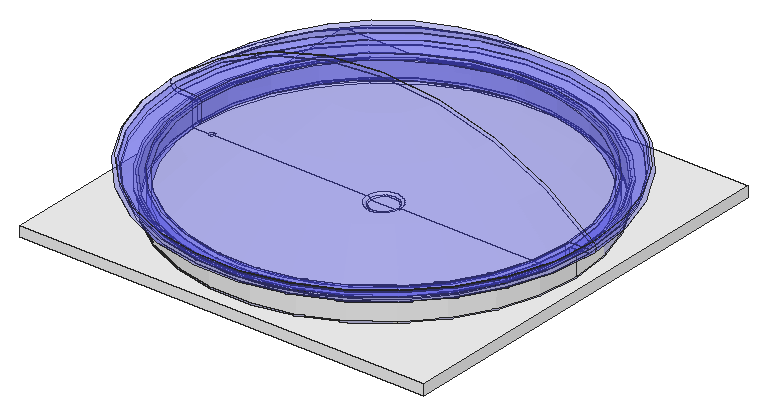
Revit family "BE_50020_de_DE", category Leuchten, Revit 2020
Family settings
  Basisbauteil = Fläche
  Bemaßung runder Anschluss = Durchmesser verwenden
  Teiletyp = Normal
  Beim Laden mit Abzugskörper schneiden = Ja
  Lichtquelle = Ja
  Gemeinsam genutzt = Nein
  Raumberechnungspunkt = Ja
Parameters (values of type "BEGA_50020_K3")
  built-in parameter 1150104 = 11.669 (stored number, unit not read)
  Wattage = 43.5 W
  Default Elevation = 0 mm
  built-in parameter 1150113 = 1 (stored number, unit not read)
  built-in parameter 1114218 = 1 (stored number, unit not read)
  Umgebungstemperatur = "25 °C"
  URL = "https://www.bega.com/de/produkt/50020"
  Typenkommentare = "© 2022 BEGA. Wir behalten uns das Recht vor, technische Änderungen ohne vorherige Ankündigung vorzunehmen."  # constant formula
  built-in parameter 1150134 = (empty or 0)
  built-in parameter 1150109 = 1 (stored number, unit not read)
  Strom = ""
  built-in parameter 1150110 = 1 (stored number, unit not read)
  Spannung = 230 V
  Sonderanfertigung = no
  Seriennummer [instance] = "Hier können Sie die eindeutige Seriennummer für das Facility Management eintragen."
  Schutzklasse = "I"
  Schutzart = "IP 20"
  Scheinlast = 0 VA
  Produktdatenblatt = "http://www.bega.de/download/Xrfa/db/50020.db.de.pdf"
  Oberflächentemperatur = ""
  Neigungswinkel = 0.00°
  Model = "50020K2"
  Material_17 = BEGA_Reflektor
  Material_15 = BEGA_Leuchtmedium_matt
  Material_11 = BEGA_Glas_opal
  Material_09 = BEGA_Glas_klar
  Material_06 = BEGA_Oberfläche_Edelstahl_gebürstet
  Material_03 = BEGA_Oberfläche_Weiss_matt
  Material_02 = BEGA_Oberfläche_Silber_matt
  Material_01 [instance] = BEGA_Oberfläche_Grafit_matt
  M_W = no
  M_G = no
  M_A = no
  Logo = 0
  built-in parameter 1114217 = 1 (stored number, unit not read)
  built-in parameter 1150139 = (empty or 0)
  built-in parameter 1150105 = 1494.8 (stored number, unit not read)
  built-in parameter 1150114 = 1 (stored number, unit not read)
  Lumens = 5463.6 lm
  built-in parameter 1150115 = 1 (stored number, unit not read)
  Leuchtenlichtstrom = "3144 lm"
  Leuchtenanzahl = ""
  Lebensdauerkriterien = "L70B50 @ 25 °C = 107000 h"
  Lastklassifizierung = Beleuchtung
  built-in parameter 1150112 = 1 (stored number, unit not read)
  Lampenlichtstrom = "5465 lm"
  Lamp = "LED 43.5 W"
  LED_Modulbezeichnung = "LED-0630/927"
  Hersteller = "BEGA"  # constant formula
  Halbstreuwinkel = ""
  Gewicht = "4.3 kg"
  Gebrauchslageneinschränkung [instance] = ""
  Frequenz = "50 Hz"
  Farbwiedergabeindex = "CRI > 90"
  Farbtemperaturverschiebung bei Dämpfen der Lampe = <Keine Auswahl>
  Farbtemperatur = "2700 K"
  Color Filter = 16777215
  built-in parameter 1150133 = 10 (stored number, unit not read)
  Energieeffizienzklasse = "LED A++ - A"
  built-in parameter 1150137 = (empty or 0)
  built-in parameter 1150132 = (empty or 0)
  ENEC = ""
  Dimmbar [instance] = ""
  Photometric Web File = "BE_50020K2.IES"
  CE_Konformität = "ja"
  Bestellnummer = "50020K2"
  Beschreibung_Sonderanfertigung = "Hier können Sie Informationen zur Sonderanfertigung eintragen."
  Beschreibung = "Decken- und Wandleuchte"
  built-in parameter 1150106 = 14.948 (stored number, unit not read)
  Befestigungsbohrung = "Ø 6 mm"
  Befestigungsabstand = "340 mm"
  Ballwurfsicher = ""
  BEGA_Intern_aus = yes
  BEGA_Intern_an = yes
  BEGA_Intern_Konstruktion = yes
  BEGA_Intern = yes
  BEGA_IES = yes
  BEGA_Dummy = no
  Anschlussleitung = ""
  Anschlussleistung [instance] = "49.7 W"
  Anschlusskasten = ""
  built-in parameter 1150107 = 2700 (stored number, unit not read)
  built-in parameter 1150102 = (empty or 0)
  built-in parameter 1150138 = (empty or 0)
  Aktualisierung = "2020-07-27T04:00:12"
  Abstand_zur_angestrahlten_Fläche [instance] = ""
  AC/DC = "AC"
Types (3, lengths in mm): name | built-in parameter 1150104 | built-in parameter 1150134 | Model | built-in parameter 1150105 | Lumens | Leuchtenlichtstrom | Lampenlichtstrom | LED_Modulbezeichnung | Farbtemperatur | Photometric Web File | Bestellnummer | built-in parameter 1150106 | built-in parameter 1150107
  BEGA_50020_K3 | 11.762 (stored number, unit not read) | (empty or 0) | "50020K3" | 1506.8 (stored number, unit not read) | 5507.1 lm | "3703 lm" | "6435 lm" | "LED-0630/930" | "3000 K" | "BE_50020K3.IES" | "50020K3" | 15.068 (stored number, unit not read) | 3000 (stored number, unit not read)
  BEGA_50020_K4 | 12.18 (stored number, unit not read) | 12 | "50020K4" | 1560.2 (stored number, unit not read) | 5702.85 lm | "3703 lm" | "6435 lm" | "LED-0630/930" | "4000 K" | "BE_50020K4.IES" | "50020K4" | 15.602 (stored number, unit not read) | 4000 (stored number, unit not read)
  BEGA_50020_K27 | 12.18 (stored number, unit not read) | 12 | "50020K27" | 1560.2 (stored number, unit not read) | 5702.85 lm | "3581 lm" | "6225 lm" | "LED-0630/927" | "2700 K" | "BE_50020K27.IES" | "50020K27" | 15.602 (stored number, unit not read) | 4000 (stored number, unit not read)
Reference planes
  plane 1 "Mitte (Vorne/Hinten)": y = 0
  plane 2: z = 0
  plane 3 "Mitte (Links/Rechts)": x = 0
  plane 4 "Links": x = -210.263
  plane 5 "Rechts": x = 210.263
  plane 6 "Unten": y = -210.3
  plane 7 "Oben": y = 210.3
  plane 8 "Vorne": z = 117.8
  plane 9 "Hinten": z = 0
Forms (mm)
  Extrusion 1, solid, material "BEGA_Platte_Weiss"
    sketch origin (0, -1119.2, 0) x (1, 0, 0) y (0, 1, 0)
      loop
        line (-200, 1319.2) -> (-200, 919.2) -> (200, 919.2) -> (200, 1319.2) -> (-200, 1319.2)
    from 0 to -10
  Extrusion 2, solid, material "BEGA_Dummy_matt", visible <- "BEGA_Dummy"
    sketch origin (77.149, -76.023, 0) x (1, 0, 0) y (0, 1, 0)
      loop
        circle (-77.149, 76.023) r 210
    from 0 to 117.8
Dimensions and locks
  plane 1 "Mitte (Vorne/Hinten)" to Extrusion 1 = 200 mm
  aligned and locked: plane 2 to Extrusion 1
  aligned and locked: level to Extrusion 1
Nested families
  nested 1: "BE_50020" at (0, 0, 0) x (0, -1, 0) z (0, 0, 1), type "BE_50020"
Connectors
  electrical at (0, 0, 0), driven by "Lastklassifizierung", driven by "Spannung", driven by "Scheinlast"
    settings: index 1, voltage 230 V, apparent load 0 VA, apparent load phase1 0 VA, apparent load phase2 0 VA, apparent load phase3 0 VA, power factor 1, load classification "Beleuchtung", number of poles 1, system type 31, power factor state 1, is connector primary yes, connector utility no, sub classification motor no, connector description ""
Definition of nested family "BE_50020"
  Parameters (values of type "BE_50020")
    Default Elevation = 1 mm
    URL = "http://www.bega.de/de/produkt"
    Type Comments = "© 2015 BEGA. Wir behalten uns das Recht vor, technische Änderungen ohne vorherige Ankündigung vorzunehmen. "  # constant formula
    Type Image = (empty or 0)
    Neigungswinkel_um_Z2 = 0.00°
    Neigungswinkel_um_Z1 = 0.00°
    Neigungswinkel_um_Y2 = 0.00°
    Neigungswinkel_um_Y1 = 0.00°
    Neigungswinkel_um_X2 = 0.00°
    Neigungswinkel_um_X1 = 0.00°
    Material_17 = none
    Material_15 = none
    Material_11 = none
    Material_09 = none
    Material_06 = none
    Material_05 = none
    Material_03 = none
    Material_02 = none
    Material_01 = none
    M_W = yes
    M_G = yes
    M_A = yes
    Länge_Platte = 600 mm  # constant formula
    Höhe_Platte = -10 mm  # constant formula
    Manufacturer = "BEGA"  # constant formula
    Drehwinkel_um_Z2 = 0.00°
    Drehwinkel_um_Z1 = 0.00°
    Breite_Platte = 600 mm  # constant formula
  Reference planes
    plane 1 "Mitte (Oben/Unten)": y = 0
    plane 2: z = 0
    plane 3 "Mitte (Links/Rechts)": x = 0
    plane 4: y = 210.263
    plane 5: z = 117.8
    plane 6: y = -210.263
    plane 7: x = -210.3
    plane 8: x = 210.3
  Forms (mm)
    Extrusion 1, solid, detail levels medium
      sketch origin (0, 0, 0) x (1, 0, 0) y (0, 1, 0)
        loop
          line (-300, 300) -> (-300, -300) -> (300, -300) -> (300, 300) -> (-300, 300)
      from 0 to -10 <- "Höhe_Platte"
    Revolve 2, solid, material <- "Material_03", detail levels medium+fine
      sketch origin (0, 0, 0) x (0, 1, 0) y (0, 0, 1)
        loop
          line (188.667, 3.3) -> (16.416, 3.3)
          arc (16.416, 3.3) -> (15.106, 2.926) -> (14.186, 1.92) r 2.5
          arc (14.186, 1.92) -> (13.635, 1.322) -> (12.852, 1.1) r 1.5
          line (12.852, 1.1) -> (0.002, 1.1) -> (0.002, 0.1) -> (13.084, 0.1)
          arc (13.084, 0.1) -> (14.394, 0.474) -> (15.313, 1.48) r 2.5
          arc (15.313, 1.48) -> (15.866, 2.078) -> (16.65, 2.3) r 1.5
          line (16.65, 2.3) -> (188.667, 2.3)
          arc (188.667, 2.3) -> (190.064, 2.868) -> (190.667, 4.25) r 2
          line (190.667, 4.25) -> (191.038, 25.509)
          arc (191.038, 25.509) -> (191.277, 26.071) -> (191.842, 26.3) r 0.8
          line (191.842, 26.3) -> (194, 26.3) -> (194, 27.3) -> (191.844, 27.3)
          arc (191.844, 27.3) -> (190.578, 26.786) -> (190.038, 25.531) r 1.8
          line (190.038, 25.531) -> (189.667, 4.275)
          arc (189.667, 4.275) -> (189.365, 3.584) -> (188.667, 3.3) r 1
        axis (0, 0.1) -> (0, 27.3)
      angle from 0 to 360
    Extrusion 3, void
      sketch origin (0, 0, 0) x (1, 0, 0) y (0, 1, 0)
        loop
          circle (163, 18) r 8.5
        loop
          circle (0, -170) r 2.75
        loop
          circle (163, -18) r 8.5
        loop
          circle (0, 170) r 2.75
      from 1.096 to 7.205
    Revolve 4, solid, material <- "Material_11", detail levels medium+fine
      sketch origin (0, 0, 0) x (0, 1, 0) y (0, 0, 1)
        loop
          line (0, 117.8) -> (0, 113.8)
          arc (0, 113.8) -> (109.34, 94.281) -> (205.171, 38.134) r 315.999
          arc (205.171, 38.134) -> (206.112, 34.88) -> (203.42, 32.823) r 3
          line (203.42, 32.823) -> (183.692, 31.789)
          arc (183.692, 31.789) -> (181.07, 30.581) -> (180, 27.899) r 3.895
          line (180, 27.899) -> (180, 10.3) -> (184, 10.3) -> (184, 26.851)
          arc (184, 26.851) -> (184.275, 27.539) -> (184.948, 27.85) r 1
          line (184.948, 27.85) -> (203.629, 28.829)
          arc (203.629, 28.829) -> (209.896, 33.581) -> (207.79, 41.158) r 7
          arc (207.79, 41.158) -> (110.737, 98.029) -> (0, 117.8) r 319.999
        axis (0, 117.8) -> (0, 10.3)
      angle from 0 to 360
    Revolve 5, solid, material <- "Material_03", detail levels medium+fine
      sketch origin (87.5, 0, 0) x (0, 1, 0) y (0, 0, 1)
        loop
          line (151.554, 0) -> (151.554, 2.614) -> (145.865, 2.614)
          arc (145.865, 2.614) -> (148.424, 0.685) -> (151.554, 0) r 7.5
        axis (151.554, 0) -> (151.554, 2.614)
      angle from 0 to 360
    Revolve 6, solid, material <- "Material_03", detail levels medium+fine
      sketch origin (-43.752, -75.774, 0) x (0.866025, -0.5, 0) y (0, 0, 1)
        loop
          line (151.554, 0) -> (151.554, 2.614) -> (145.865, 2.614)
          arc (145.865, 2.614) -> (148.424, 0.685) -> (151.554, 0) r 7.5
        axis (151.554, 0) -> (151.554, 2.614)
      angle from 0 to 360
    Revolve 7, solid, material <- "Material_03", detail levels medium+fine
      sketch origin (-43.748, 75.781, 0) x (-0.866025, -0.5, 0) y (0, 0, 1)
        loop
          line (151.554, 0) -> (151.554, 2.614) -> (145.865, 2.614)
          arc (145.865, 2.614) -> (148.424, 0.685) -> (151.554, 0) r 7.5
        axis (151.554, 0) -> (151.554, 2.614)
      angle from 0 to 360
  Cuts and joins
    Extrusion 3 cuts Revolve 2
    joined: Revolve 2, Revolve 5, Revolve 6, Revolve 7
  Dimensions and locks
    equal spacing: Extrusion 1 sketch curve, plane 3 "Mitte (Links/Rechts)", Extrusion 1 sketch curve
    equal spacing: Extrusion 1 sketch curve, plane 1 "Mitte (Oben/Unten)", Extrusion 1 sketch curve
    "Länge_Platte": Extrusion 1 sketch curve to Extrusion 1 sketch curve
    "Breite_Platte": Extrusion 1 sketch curve to Extrusion 1 sketch curve
    aligned and locked: Extrusion 1 to plane 2
    aligned and locked: level to Extrusion 1
  Automatic sketch dimensions
    Revolve 2 sketch curve to Revolve 2 sketch curve = 0 mm  (x11)
    Revolve 2 sketch curve to plane 1 "Mitte (Oben/Unten)" = 0 mm
    Revolve 2 sketch curve to plane 1 "Mitte (Oben/Unten)" = 0.002 mm
    level to Revolve 2 sketch curve = 2.6 mm
    Revolve 2 sketch curve to plane 1 "Mitte (Oben/Unten)" = 12.849 mm
    Revolve 2 sketch curve to Revolve 2 sketch curve = 0.003 mm
    Revolve 2 sketch curve to Revolve 2 sketch curve = 0.229 mm  (x2)
    level to Revolve 2 sketch curve = 0.1 mm
    Revolve 2 sketch curve to Revolve 2 sketch curve = 0.232 mm
    Revolve 2 sketch curve to Revolve 2 sketch curve = 3.338 mm
    level to Revolve 2 sketch curve = 0.8 mm
    Revolve 2 sketch curve to Revolve 2 sketch curve = 0.005 mm
    level to Revolve 2 sketch curve = 4.3 mm
    level to Revolve 2 sketch curve = 4.275 mm
    Revolve 2 sketch curve to Revolve 2 sketch curve = 1 mm  (x6)
    level to Revolve 2 sketch curve = 4.25 mm
    Revolve 2 sketch curve to Revolve 2 sketch curve = 0.8 mm
    Revolve 2 sketch curve to Revolve 2 sketch curve = 0.004 mm
    Revolve 2 sketch curve to Revolve 2 sketch curve = 0.002 mm
    Revolve 2 sketch curve to Revolve 2 sketch curve = 2.156 mm
    Revolve 2 sketch curve to Revolve 2 sketch curve = 21.25 mm
    Revolve 2 sketch curve to Revolve 2 sketch curve = 0.009 mm
    Revolve 2 sketch curve to Revolve 2 sketch curve = 0.025 mm
    Revolve 2 sketch curve to Revolve 2 sketch curve = 6.2 mm
    Revolve 5 sketch curve to Revolve 5 sketch curve = 5.69 mm
    Revolve 5 sketch curve to Revolve 5 sketch curve = 0 mm  (x3)
    Revolve 5 sketch curve to Revolve 5 sketch curve = 1.154 mm
    Revolve 5 sketch curve to Revolve 5 sketch curve = 2.614 mm
    Revolve 6 sketch curve to Revolve 6 sketch curve = 5.69 mm
    Revolve 6 sketch curve to Revolve 6 sketch curve = 0 mm  (x3)
    Revolve 6 sketch curve to Revolve 6 sketch curve = 1.154 mm
    Revolve 6 sketch curve to Revolve 6 sketch curve = 2.614 mm
    Revolve 7 sketch curve to Revolve 7 sketch curve = 5.69 mm
    Revolve 7 sketch curve to Revolve 7 sketch curve = 0 mm  (x3)
    Revolve 7 sketch curve to Revolve 7 sketch curve = 1.154 mm
    Revolve 7 sketch curve to Revolve 7 sketch curve = 2.614 mm
    Revolve 5 sketch curve to level = 0 mm
    Revolve 6 sketch curve to level = 0 mm
    level to Revolve 7 sketch curve = 0 mm
    Extrusion 3 sketch curve to plane 3 "Mitte (Links/Rechts)" = 0 mm  (x2)
    plane 1 "Mitte (Oben/Unten)" to Extrusion 3 sketch curve = 18 mm
    Extrusion 3 sketch curve to plane 1 "Mitte (Oben/Unten)" = 18 mm
    Revolve 4 sketch curve to Revolve 4 sketch curve = 0 mm  (x9)
    Revolve 4 sketch curve to plane 1 "Mitte (Oben/Unten)" = 0 mm  (x2)
    plane 1 "Mitte (Oben/Unten)" to Revolve 4 sketch curve = 0 mm
    Revolve 4 sketch curve to plane 1 "Mitte (Oben/Unten)" = 0.001 mm
    Revolve 4 sketch curve to Revolve 4 sketch curve = 3.692 mm
    Revolve 4 sketch curve to Revolve 4 sketch curve = 0.204 mm
    Revolve 4 sketch curve to Revolve 4 sketch curve = 4 mm  (x2)
    Revolve 4 sketch curve to Revolve 4 sketch curve = 1 mm
    Revolve 4 sketch curve to Revolve 4 sketch curve = 19.572 mm
    Revolve 4 sketch curve to level = 202.199 mm
    Revolve 4 sketch curve to Revolve 4 sketch curve = 0.001 mm
    level to Revolve 4 sketch curve = 10.3 mm
    Revolve 4 sketch curve to Revolve 4 sketch curve = 16.551 mm
    Revolve 4 sketch curve to Revolve 4 sketch curve = 1.048 mm
    Revolve 4 sketch curve to Revolve 4 sketch curve = 4.03 mm
    Revolve 4 sketch curve to Revolve 4 sketch curve = 0.052 mm
    Revolve 4 sketch curve to Revolve 4 sketch curve = 0.157 mm
    Revolve 4 sketch curve to Revolve 4 sketch curve = 0.209 mm
    Revolve 4 sketch curve to Revolve 4 sketch curve = 1.908 mm
    Revolve 4 sketch curve to Revolve 4 sketch curve = 2.619 mm
    Revolve 2 sketch curve to Revolve 2 sketch curve = 172.018 mm
    Revolve 2 sketch curve to Revolve 2 sketch curve = 0.371 mm
    Extrusion 3 sketch curve to plane 1 "Mitte (Oben/Unten)" = 170 mm
    Revolve 4 sketch curve to plane 1 "Mitte (Oben/Unten)" = 180 mm
    Revolve 5 sketch curve to plane 1 "Mitte (Oben/Unten)" = 145.865 mm
    plane 1 "Mitte (Oben/Unten)" to Extrusion 3 sketch curve = 170 mm
    level to Revolve 4 sketch curve = 113.8 mm
    Revolve 4 sketch curve to Revolve 4 sketch curve = 45.47 mm
    plane 3 "Mitte (Links/Rechts)" to Extrusion 3 sketch curve = 163 mm
    Extrusion 3 sketch curve to Extrusion 3 sketch curve = 0 mm
    radius of Extrusion 3 sketch curve = 8.5 mm  (x2)
    radius of Extrusion 3 sketch curve = 2.75 mm  (x2)
